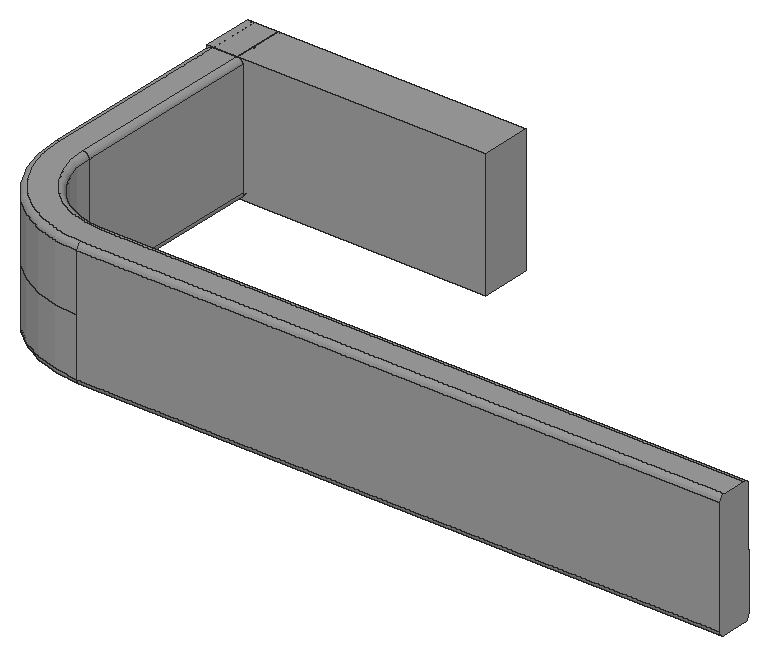
Revit family "PRO ATLAS STAPA NEGRO MATE", category Plumbing Fixtures, Revit 2019
Family settings
  Round Connector Dimension = Use Diameter
  Part Type = Normal
  OmniClass Number = 23.45.00.00
  OmniClass Title = Sanitary, Laundry, and Cleaning Equipment
  Work Plane-Based = No
  Always vertical = Yes
  Cut with Voids When Loaded = No
  Shared = No
  Room Calculation Point = No
Reference planes
  plane 1 "Center (Front/Back)": y = 0
  plane 2: z = 0
  plane 3 "Center (Left/Right)": x = 0
Forms (mm)
  Extrusion 1, solid
    sketch origin (0, 0, 0) x (1, 0, 0) y (0, 0, 1)
      loop
        line (0, 0) -> (55, 0) -> (55, 25) -> (0, 25) -> (0, 0)
    from 0 to 10
  Sweep 2, solid
    path origin (0, 0, 0) x (1, 0, 0) y (0, 1, 0)
      loop
        line (3.523, 0) -> (3.523, -48)
        arc (3.523, -48) -> (9.381, -62.142) -> (23.523, -68) r 20
        line (23.523, -68) -> (150.523, -68)
    profile origin (3.523, 0, 0) x (1, 0, 0) y (0, 0, 1)
      loop
        line (-3.523, 12.5) -> (-3.523, 1.09)
        arc (-3.523, 1.09) -> (-3.203, 0.319) -> (-2.433, 0) r 1.09
        line (-2.433, 0) -> (2.4, 0)
        arc (2.4, 0) -> (3.162, 0.315) -> (3.477, 1.077) r 1.077
        line (3.477, 1.077) -> (3.477, 23.892)
        arc (3.477, 23.892) -> (3.153, 24.675) -> (2.369, 25) r 1.108
        line (2.369, 25) -> (-2.381, 25)
        arc (-2.381, 25) -> (-3.188, 24.666) -> (-3.523, 23.859) r 1.141
        line (-3.523, 23.859) -> (-3.523, 12.5)
Dimensions and locks
  aligned and locked: level to plane 2
